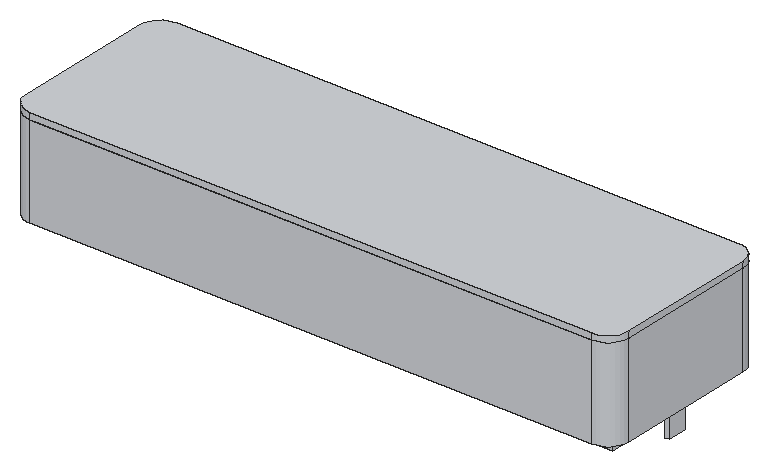
Revit family "Gira_289400", category Electrical Fixtures, host Face, Revit 2017
Family settings
  Host = Face
  Maintain Annotation Orientation = No
  Round Connector Dimension = Use Diameter
  Part Type = Normal
  Cut with Voids When Loaded = No
  Shared = No
  Room Calculation Point = No
Parameters (values of type "UP-EB-Dose 4f Gira E22")
  URL = "http://katalog.gira.de/de_DE/datenblatt.html?artikelnr=289400"
  Region = "DE"
  Name = "UP-EB-Dose 4f Gira E22"
  Manufacturer URL = "https://www.gira.de/"
  Keynote = "UP-EB-Dose_4fach"
  HeinzeBIM = "https://bimportal.heinze.de/bim/up-eb-dose-4f-gira-e22/2cae14348bbae53c51e4b71b89382af03e2e8d2a"
  HAN = "289400"
  GTIN = "4010337049814"
  Default Elevation = 1219.2 mm
  Data sheet (1) = "https://katalog.gira.de/de_DE/download.html?artikelnr=289400"
  Category = "Ersatzteil für Installationsschalterprogramme"
  Available = "Yes"
Reference planes
  plane 1 "Center (Front/Back)": y = 0
  plane 2: z = 0
  plane 3 "Center (Left/Right)": x = 0
Forms (mm)
  Extrusion 1, solid, detail levels fine
    sketch origin (0, 0, 0) x (1, 0, 0) y (0, 1, 0)
      loop
        arc (-142, 46.25) -> (-149.248, 43.248) -> (-152.25, 36) r 10.25
        line (-152.25, 36) -> (-152.25, -36)
        arc (-152.25, -36) -> (-149.248, -43.248) -> (-142, -46.25) r 10.25
        line (-142, -46.25) -> (142, -46.25)
        arc (142, -46.25) -> (149.248, -43.248) -> (152.25, -36) r 10.25
        line (152.25, -36) -> (152.25, 36)
        arc (152.25, 36) -> (149.248, 43.248) -> (142, 46.25) r 10.25
        line (142, 46.25) -> (-142, 46.25)
    from 47 to 50
  Extrusion 2, solid, detail levels fine
    sketch origin (0, 0, 0) x (1, 0, 0) y (0, 1, 0)
      loop
        arc (-142, 46.25) -> (-149.248, 43.248) -> (-152.25, 36) r 10.25
        line (-152.25, 36) -> (-152.25, -36)
        arc (-152.25, -36) -> (-149.248, -43.248) -> (-142, -46.25) r 10.25
        line (-142, -46.25) -> (142, -46.25)
        arc (142, -46.25) -> (149.248, -43.248) -> (152.25, -36) r 10.25
        line (152.25, -36) -> (152.25, 36)
        arc (152.25, 36) -> (149.248, 43.248) -> (142, 46.25) r 10.25
        line (142, 46.25) -> (-142, 46.25)
      loop
        arc (-150.75, -36) -> (-149.959, -39.636) -> (-147.727, -42.615) r 8.75
        line (-147.727, -42.615) -> (147.727, -42.615)
        arc (147.727, -42.615) -> (149.959, -39.636) -> (150.75, -36) r 8.75
        line (150.75, -36) -> (150.75, 36)
        arc (150.75, 36) -> (149.959, 39.636) -> (147.727, 42.615) r 8.75
        line (147.727, 42.615) -> (-147.727, 42.615)
        arc (-147.727, 42.615) -> (-149.959, 39.636) -> (-150.75, 36) r 8.75
        line (-150.75, 36) -> (-150.75, -36)
    from 0 to 47
  Extrusion 3, solid, detail levels fine
    sketch origin (0, 0, 0) x (1, 0, 0) y (0, 1, 0)
      loop
        line (-147, -39.766) -> (147, -39.766) -> (147, 39.75) -> (-147, 39.75) -> (-147, -39.766)
      loop
        line (144.5, -37.75) -> (144.5, 37.75) -> (-144.5, 37.75) -> (-144.5, -37.75) -> (144.5, -37.75)
    from -4.1 to 0
  Extrusion 4, solid, detail levels fine
    sketch origin (0, 0, 0) x (1, 0, 0) y (0, 1, 0)
      loop
        line (147, 39.75) -> (-147, 39.75) -> (-147, -39.766) -> (147, -39.766) -> (147, 39.75)
      loop
        arc (147.727, -42.615) -> (149.959, -39.636) -> (150.75, -36) r 8.75
        line (150.75, -36) -> (150.75, 36)
        arc (150.75, 36) -> (149.959, 39.636) -> (147.727, 42.615) r 8.75
        line (147.727, 42.615) -> (-147.727, 42.615)
        arc (-147.727, 42.615) -> (-149.959, 39.636) -> (-150.75, 36) r 8.75
        line (-150.75, 36) -> (-150.75, -36)
        arc (-150.75, -36) -> (-149.959, -39.636) -> (-147.727, -42.615) r 8.75
        line (-147.727, -42.615) -> (147.727, -42.615)
    from 0 to 2
  Extrusion 5, solid, detail levels medium+fine
    sketch origin (0, 0, 0) x (1, 0, 0) y (0, 1, 0)
      loop
        line (145.5, -4.939) -> (148, -4.939) -> (148, 4.939) -> (145.5, 4.939) -> (145.5, -4.939)
      loop
        line (-145.5, -4.939) -> (-145.5, 4.939) -> (-148, 4.939) -> (-148, -4.939) -> (-145.5, -4.939)
    from -14.039 to 0
  Extrusion 6, solid, detail levels medium
    sketch origin (0, 0, 0) x (1, 0, 0) y (0, 1, 0)
      loop
        line (-152.25, 46.25) -> (-152.25, -46.25) -> (152.25, -46.25) -> (152.25, 46.25) -> (-152.25, 46.25)
    from 0 to 50
  Extrusion 7, solid, detail levels medium
    sketch origin (0, 0, 0) x (1, 0, 0) y (0, 1, 0)
      loop
        line (-147, -39.766) -> (147, -39.766) -> (147, 39.75) -> (-147, 39.75) -> (-147, -39.766)
    from -4.1 to 0
  Extrusion 8, solid, detail levels coarse
    sketch origin (0, 0, 0) x (1, 0, 0) y (0, 1, 0)
      loop
        line (-152.25, 46.25) -> (-152.25, -46.25) -> (152.25, -46.25) -> (152.25, 46.25) -> (-152.25, 46.25)
    from -14.039 to 50
Dimensions and locks
  aligned and locked: plane 2 to host face
  aligned and locked: level to host face
